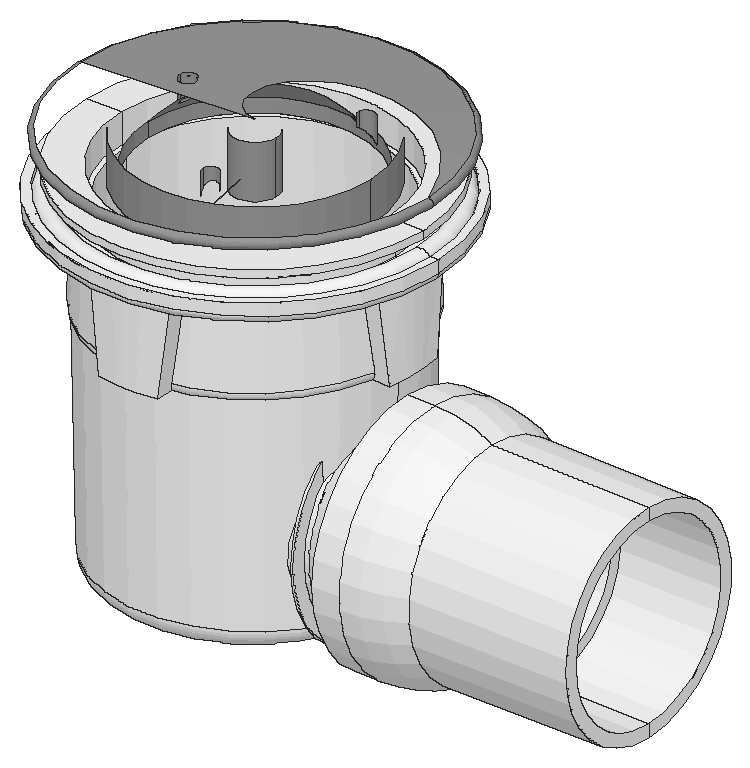
Revit family "0522.13 LRP DC HF SE50", category Plumbing Fixtures, Revit 2016
Family settings
  Part Type = Normal
  Round Connector Dimension = Use Diameter
  OmniClass Number = 23.31.27.00
  OmniClass Title = Floor Drains
  Work Plane-Based = No
  Always vertical = Yes
  Cut with Voids When Loaded = No
  Shared = No
  Room Calculation Point = No
Parameters (values of type "0522.13")
  Waste Connection = yes
  Vent Connection = no
  URL = "www.aquaknight.co.nz"
  Phone = "+6498322214"  # constant formula
  Model = "LRP DC HF SE50 – 0522.13"
  Manufacturer = "Aquanight Industries Ltd"  # constant formula
  HW Connection = no
  Email = "info@aquaknight.co.nz"  # constant formula
  Description = "DWV50 Wastetrap with chrome dome lid"
  CW Connection = no
Reference planes
  plane 1 "Center (Front/Back)": y = 0
  plane 2: z = 0
  plane 3 "Center (Left/Right)": x = 0
  plane 4: z = -77.913
  plane 5: x = 106.179
Forms (mm)
  Revolve 1, solid, material "Plastic, Glossy White"
    sketch origin (0, 0, 0) x (1, 0, 0) y (0, 0, 1)
      loop
        line (0, -103.328) -> (-25.107, -102.671)
        spline (-25.107, -102.671) -> (-26.971, -102.636) -> (-28.847, -102.617) -> (-30.702, -102.593) -> (-32.502, -102.544) -> (-34.215, -102.45) -> (-35.809, -102.292) -> (-37.251, -102.048) -> (-38.507, -101.699) -> (-39.546, -101.226) -> (-40.334, -100.608) -> (-40.838, -99.824) -> (-41.025, -98.856)
        line (-41.025, -98.856) -> (-42.255, -28.405) -> (-40.35, -28.405) -> (-39.919, -2.405) -> (-41.45, -2.405) -> (-41.45, 6.595) -> (-52.279, 6.595) -> (-52.279, 4.395) -> (-50.75, 3.513) -> (-46.125, 3.095)
        arc (-46.125, 3.095) -> (-44.504, 2.292) -> (-43.85, 0.606) r 2.5
        line (-43.85, 0.606) -> (-43.85, -3.399) -> (-49.924, -3.399)
        arc (-49.924, -3.399) -> (-51.565, 1.366) -> (-53.206, -3.399) r 2.665
        line (-53.206, -3.399) -> (-54.441, -3.399) -> (-54.5, 0) -> (-57, 0) -> (-56.936, -3.693)
        arc (-56.936, -3.693) -> (-56.187, -5.433) -> (-54.434, -6.149) r 2.5
        line (-54.434, -6.149) -> (-45.017, -6.149)
        spline (-45.017, -6.149) -> (-45.069, -8.251) -> (-45.119, -10.355) -> (-45.168, -12.461) -> (-45.216, -14.57) -> (-45.262, -16.68) -> (-45.306, -18.793) -> (-45.349, -20.908) -> (-45.391, -23.025) -> (-45.431, -25.143) -> (-45.469, -27.264) -> (-45.506, -29.386) -> (-45.542, -31.51)
        arc (-45.542, -31.51) -> (-45.324, -32.787) -> (-44.659, -33.899) r 3.52
        line (-44.659, -33.899) -> (-43.525, -98.899)
        spline (-43.525, -98.899) -> (-43.221, -100.675) -> (-42.455, -102.227) -> (-41.296, -103.484) -> (-39.817, -104.374) -> (-38.101, -104.811) -> (-36.258, -104.883) -> (-34.41, -104.928) -> (-32.563, -104.976) -> (-30.715, -105.025) -> (-28.868, -105.073) -> (-27.02, -105.121) -> (-25.173, -105.17)
        line (-25.173, -105.17) -> (0, -105.829) -> (0, -103.328)
      axis (0, 6.595) -> (0, -105.829)
    angle from 0 to 360
  Revolve 2, solid, material "Steel, Chrome Plated"
    sketch origin (0, 0, 0) x (1, 0, 0) y (0, 0, 1)
      loop
        arc (0, 19.379) -> (-26.964, 18.613) -> (-53.84, 16.318) r 475
        arc (-53.84, 16.318) -> (-55.161, 14.657) -> (-53.5, 13.337) r 1.5
        arc (-53.5, 13.337) -> (-44.768, 14.251) -> (-36.019, 15.003) r 472
        line (-36.019, 15.003) -> (-36.019, 2.379) -> (-33.2, 2.379) -> (-33.2, 6.88)
        spline (-33.2, 6.88) -> (-32.462, 7.618) -> (-31.723, 8.356) -> (-30.984, 9.095) -> (-30.244, 9.834) -> (-29.505, 10.573) -> (-28.765, 11.312) -> (-28.025, 12.052) -> (-27.285, 12.791) -> (-26.545, 13.531) -> (-25.805, 14.271) -> (-25.064, 15.011) -> (-24.324, 15.752)
        arc (-24.324, 15.752) -> (-15.477, 16.125) -> (-6.625, 16.332) r 472
        line (-6.625, 16.332) -> (-6.625, 0) -> (0, 0) -> (0, 19.379)
      axis (0, 19.379) -> (0, 0)
    angle from 0 to 360
  Revolve 3, solid, material "Plastic, Glossy White"
    sketch origin (0, 0, 0) x (1, 0, 0) y (0, 0, 1)
      loop
        line (37.644, -106.815) -> (37.717, -111.072)
        arc (37.717, -111.072) -> (38, -111.35) -> (38.283, -111.072) r 0.283
        line (38.283, -111.072) -> (38.357, -106.833) -> (39.882, -106.873)
        arc (39.882, -106.873) -> (43.546, -108.592) -> (47.393, -109.85) r 33
        line (47.393, -109.85) -> (47.393, -114.913) -> (55.689, -114.913)
        arc (55.689, -114.913) -> (64.884, -113.756) -> (73.502, -110.351) r 37
        line (73.502, -110.351) -> (122.175, -109.926) -> (122.175, -106.184) -> (91.179, -105.79) -> (91.179, -102.636) -> (86.179, -102.453) -> (86.179, -100.989) -> (79.294, -100.989)
        arc (79.294, -100.989) -> (76.835, -103.26) -> (74.159, -105.27) r 33
        line (74.159, -105.27) -> (0, -103.328) -> (0, -105.829) -> (37.644, -106.815)
      axis (122.175, -77.913) -> (0, -77.913)
    angle from 0 to 360
  SweptBlend 4, solid, material "Plastic, Glossy White", detail levels fine
    path origin (0, 0, 0) x (1, 0, 0) y (0, 0, 1)
      loop
        line (0, -6.149) -> (0, -33.899)
    profile origin (0, 0, -6.149) x (0, -1, 0) y (1, 0, 0)
      loop
        arc (48.308, -12.6) -> (49.924, 0) -> (48.308, 12.6) r 49.924
        line (48.308, 12.6) -> (43.218, 12.6)
        arc (43.218, 12.6) -> (45.017, 0) -> (43.218, -12.6) r 45.017
        line (43.218, -12.6) -> (48.308, -12.6)
    end profile origin (0, 0, -33.899) x (0, -1, 0) y (1, 0, 0)
      loop
        arc (49.088, -9.1) -> (49.924, 0) -> (49.088, 9.1) r 49.924
        line (49.088, 9.1) -> (44.088, 9.1)
        arc (44.088, 9.1) -> (45.017, 0) -> (44.088, -9.1) r 45.017
        line (44.088, -9.1) -> (49.088, -9.1)
  SweptBlend 5, solid, material "Plastic, Glossy White", detail levels fine
    path origin (0, 0, 0) x (0, -1, 0) y (0, 0, 1)
      loop
        line (0, -6.149) -> (0, -33.899)
    profile origin (0, 0, -6.149) x (-1, 0, 0) y (0, -1, 0)
      loop
        arc (48.308, -12.6) -> (49.924, 0) -> (48.308, 12.6) r 49.924
        line (48.308, 12.6) -> (43.218, 12.6)
        arc (43.218, 12.6) -> (45.017, 0) -> (43.218, -12.6) r 45.017
        line (43.218, -12.6) -> (48.308, -12.6)
    end profile origin (0, 0, -33.899) x (-1, 0, 0) y (0, -1, 0)
      loop
        arc (49.088, -9.1) -> (49.924, 0) -> (49.088, 9.1) r 49.924
        line (49.088, 9.1) -> (44.088, 9.1)
        arc (44.088, 9.1) -> (45.017, 0) -> (44.088, -9.1) r 45.017
        line (44.088, -9.1) -> (49.088, -9.1)
  SweptBlend 6, solid, material "Plastic, Glossy White", detail levels fine
    path origin (0, 0, 0) x (-1, 0, 0) y (0, 0, 1)
      loop
        line (0, -6.149) -> (0, -33.899)
    profile origin (0, 0, -6.149) x (0, 1, 0) y (-1, 0, 0)
      loop
        arc (48.308, -12.6) -> (49.924, 0) -> (48.308, 12.6) r 49.924
        line (48.308, 12.6) -> (43.218, 12.6)
        arc (43.218, 12.6) -> (45.017, 0) -> (43.218, -12.6) r 45.017
        line (43.218, -12.6) -> (48.308, -12.6)
    end profile origin (0, 0, -33.899) x (0, 1, 0) y (-1, 0, 0)
      loop
        arc (49.088, -9.1) -> (49.924, 0) -> (49.088, 9.1) r 49.924
        line (49.088, 9.1) -> (44.088, 9.1)
        arc (44.088, 9.1) -> (45.017, 0) -> (44.088, -9.1) r 45.017
        line (44.088, -9.1) -> (49.088, -9.1)
  SweptBlend 7, solid, material "Plastic, Glossy White", detail levels fine
    path origin (0, 0, 0) x (0, 1, 0) y (0, 0, 1)
      loop
        line (0, -6.149) -> (0, -33.899)
    profile origin (0, 0, -6.149) x (1, 0, 0) y (0, 1, 0)
      loop
        arc (48.308, -12.6) -> (49.924, 0) -> (48.308, 12.6) r 49.924
        line (48.308, 12.6) -> (43.218, 12.6)
        arc (43.218, 12.6) -> (45.017, 0) -> (43.218, -12.6) r 45.017
        line (43.218, -12.6) -> (48.308, -12.6)
    end profile origin (0, 0, -33.899) x (1, 0, 0) y (0, 1, 0)
      loop
        arc (49.088, -9.1) -> (49.924, 0) -> (49.088, 9.1) r 49.924
        line (49.088, 9.1) -> (44.088, 9.1)
        arc (44.088, 9.1) -> (45.017, 0) -> (44.088, -9.1) r 45.017
        line (44.088, -9.1) -> (49.088, -9.1)
  Extrusion 8, void
    sketch origin (0, 0, 4) x (0, 1, 0) y (-1, 0, 0)
      loop
        circle (6.957, 26.371) r 2.407
      loop
        circle (19.322, -19.192) r 2.407
      loop
        circle (-26.326, -7.195) r 2.407
    from 0 to 56.279
Cuts and joins
  Extrusion 8 cuts Revolve 2
Dimensions and locks
  locked: plane 5 to plane 3 "Center (Left/Right)" at 106.179
  locked: plane 4 to connector elem at 0
  locked: connector elem to plane 1 "Center (Front/Back)" at 0
  aligned and locked: level to plane 2
  aligned and locked: Revolve 1 sketch curve to plane 3 "Center (Left/Right)"
  aligned and locked: Revolve 2 sketch curve to plane 3 "Center (Left/Right)"
Connectors
  piping at (106.179, 0, -77.913), diameter 50
    settings: on plane 5, index 1, connector inside diameter 609.6 mm, connector length 0 mm, flow factor 0, pipe flow 0.0 L/s, pressure drop 0.0 Pa, fitting loss kfactor 0, connector angle 0.00°, fixture units 0, engagement length 0 mm, angle of deflection 0.00°, flow configuration 0, flow direction 0, fitting loss method 0, system type 28, joint type 0, gender type 0, connector reference index -1, connector utility 0, adjustable connector no, is connector primary yes, connector description ""
